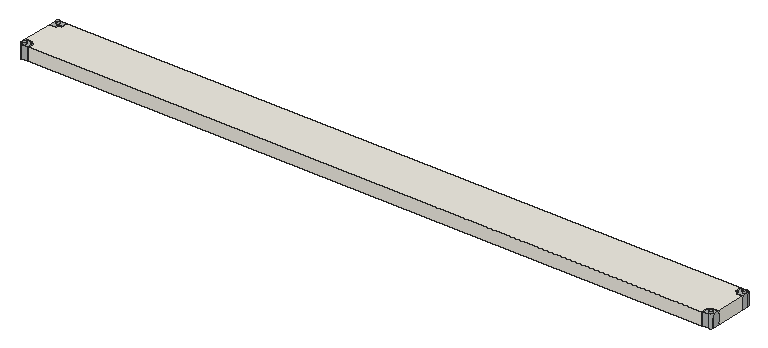
Revit family "HIGHTECH", category Осветительные приборы, Revit 2019 (continued)
Types (32, lengths in mm): name | Файл фотометрической сетки | built-in parameter 1150105 | Lumens | built-in parameter 1150106 | built-in parameter 1150142 | Wattage | Emit from Rectangle Width | Emit from Rectangle Length | Длина | Ширина | ADSK_Ток | ADSK_Полная мощность | ADSK_Обозначение | ADSK_Номинальная мощность | ADSK_Наименование | ADSK_Масса | ADSK_Код изделия
  Hightech-38/opal-sand 160х1195 (IP40, 4000К, белый) | "Светильник HIGHTECH-38 OPAL-SAND-(160x1195).IES" | 262.61 (stored number, unit not read) | 3300 lm | 2.6261 (stored number, unit not read) | "IESNA:LM-63-95\r\n[TEST] Протокол № 50-4\r\n[DATA] 08.06.2016\r\n[MORE] \r\n[MANUFAC] ЗАО \"Центрстройсвет\"\r\n[LUMCAT]  Светильник HIGHTECH-38/OPAL-SAND-(160x1195)\r\n[LUMINAIRE]\r\n[LAMPCAT] Светодиоды\r\n[LAMP] Поток источника света (светодиодов) не известен\r\n[MORE] КСС приведена в абсолютных величинах кд\r\n[MORE] Вместо потока лампы, указан поток светильника.\r\nTILT=NONE\r\n1    3290 1.0 37 73 1 2 0.16 1.195 0.04\r\n1.0 1.0 37.0\r\n0.0 5.0 10.0 15.0 20.0 25.0 30.0 35.0 40.0 45.0 50.0 55.0 60.0 65.0 70.0 75.0 80.0 85.0 90.0 95.0 100.0 105.0 110.0 115.0 120.0 125.0 130.0 135.0 140.0 145.0 150.0 155.0 160.0 165.0 170.0 175.0 180.0\r\n0.0 5.0 10.0 15.0 20.0 25.0 30.0 35.0 40.0 45.0 50.0 55.0 60.0 65.0 70.0 75.0 80.0 85.0 90.0 95.0 100.0 105.0 110.0 115.0 120.0 125.0 130.0 135.0 140.0 145.0 150.0 155.0 160.0 165.0 170.0 175.0 180.0 185.0 190.0 195.0 200.0 205.0 210.0 215.0 220.0 225.0 230.0 235.0 240.0 245.0 250.0 255.0 260.0 265.0 270.0 275.0 280.0 285.0 290.0 295.0 300.0 305.0 310.0 315.0 320.0 325.0 330.0 335.0 340.0 345.0 350.0 355.0 360.0\r\n1253.2 1246.2 1227.5 1186.2 1134.3 1080.2 1008.5 929.2 845.7 758.1 667.9 573.0 479.1 384.2 290.6 200.4 117.7 47.8 2.1 0.0 0.0 0.0 0.0 0.0 0.0 0.0 0.0 0.0 0.0 0.0 0.0 0.0 0.0 0.0 0.0 0.0 0.0\r\n1253.2 1247.0 1225.7 1188.1 1138.8 1075.1 1004.9 931.9 847.2 757.9 668.1 572.7 477.5 384.0 290.6 200.6 118.4 47.9 2.2 0.0 0.0 0.0 0.0 0.0 0.0 0.0 0.0 0.0 0.0 0.0 0.0 0.0 0.0 0.0 0.0 0.0 0.0\r\n1253.2 1248.1 1227.0 1185.9 1138.7 1078.3 1008.7 929.5 848.8 757.9 669.3 574.6 479.7 385.0 291.5 201.5 119.2 48.1 2.2 0.0 0.0 0.0 0.0 0.0 0.0 0.0 0.0 0.0 0.0 0.0 0.0 0.0 0.0 0.0 0.0 0.0 0.0\r\n1253.2 1248.7 1224.9 1187.5 1138.8 1079.1 1011.1 932.8 850.1 760.3 670.1 574.8 481.5 384.6 292.5 203.1 120.2 49.1 2.2 0.0 0.0 0.0 0.0 0.0 0.0 0.0 0.0 0.0 0.0 0.0 0.0 0.0 0.0 0.0 0.0 0.0 0.0\r\n1253.2 1248.6 1224.1 1190.2 1142.9 1083.0 1011.7 935.9 852.7 763.2 669.8 577.6 482.8 388.3 295.5 202.6 121.0 49.8 2.2 0.0 0.0 0.0 0.0 0.0 0.0 0.0 0.0 0.0 0.0 0.0 0.0 0.0 0.0 0.0 0.0 0.0 0.0\r\n1253.2 1248.4 1225.5 1191.0 1146.1 1082.8 1013.2 936.9 854.2 764.3 675.0 579.1 483.7 388.4 293.4 203.8 122.5 49.7 2.4 0.0 0.0 0.0 0.0 0.0 0.0 0.0 0.0 0.0 0.0 0.0 0.0 0.0 0.0 0.0 0.0 0.0 0.0\r\n1253.2 1248.8 1225.9 1190.7 1143.4 1085.3 1015.6 938.4 853.9 767.8 671.8 579.7 486.4 388.3 294.9 205.4 123.4 50.5 2.6 0.0 0.0 0.0 0.0 0.0 0.0 0.0 0.0 0.0 0.0 0.0 0.0 0.0 0.0 0.0 0.0 0.0 0.0\r\n1253.2 1249.7 1225.4 1191.0 1146.5 1088.4 1018.1 941.5 856.1 769.2 678.8 582.6 486.9 391.1 298.4 205.6 124.3 51.6 2.9 0.0 0.0 0.0 0.0 0.0 0.0 0.0 0.0 0.0 0.0 0.0 0.0 0.0 0.0 0.0 0.0 0.0 0.0\r\n1253.2 1250.7 1226.2 1195.1 1146.0 1088.6 1022.5 943.4 860.2 770.2 679.5 584.7 488.6 391.1 298.3 206.4 125.5 52.0 2.8 0.0 0.0 0.0 0.0 0.0 0.0 0.0 0.0 0.0 0.0 0.0 0.0 0.0 0.0 0.0 0.0 0.0 0.0\r\n1253.2 1251.4 1229.0 1197.3 1147.4 1090.4 1020.0 944.8 861.9 772.2 680.2 585.5 491.0 394.2 298.2 209.3 124.9 53.8 2.8 0.0 0.0 0.0 0.0 0.0 0.0 0.0 0.0 0.0 0.0 0.0 0.0 0.0 0.0 0.0 0.0 0.0 0.0\r\n1253.2 1251.7 1229.9 1197.2 1148.0 1091.3 1021.2 946.6 862.9 774.0 683.3 586.3 492.2 397.0 299.0 212.0 125.4 53.6 2.9 0.0 0.0 0.0 0.0 0.0 0.0 0.0 0.0 0.0 0.0 0.0 0.0 0.0 0.0 0.0 0.0 0.0 0.0\r\n1253.2 1251.7 1230.1 1196.7 1150.6 1091.6 1025.1 945.2 861.6 776.4 685.1 590.9 495.4 394.8 302.4 211.8 125.2 55.5 3.1 0.0 0.0 0.0 0.0 0.0 0.0 0.0 0.0 0.0 0.0 0.0 0.0 0.0 0.0 0.0 0.0 0.0 0.0\r\n1253.2 1251.8 1230.0 1196.4 1152.9 1093.8 1023.7 948.4 862.3 776.2 686.9 589.6 495.4 398.5 303.1 208.9 129.0 55.0 3.6 0.0 0.0 0.0 0.0 0.0 0.0 0.0 0.0 0.0 0.0 0.0 0.0 0.0 0.0 0.0 0.0 0.0 0.0\r\n1253.2 1252.2 1231.4 1198.7 1155.6 1094.2 1023.7 946.5 861.5 778.3 686.0 592.0 496.3 400.2 302.7 214.1 128.1 55.7 3.1 0.0 0.0 0.0 0.0 0.0 0.0 0.0 0.0 0.0 0.0 0.0 0.0 0.0 0.0 0.0 0.0 0.0 0.0\r\n1253.2 1252.3 1232.3 1199.1 1154.1 1095.9 1025.8 946.2 866.0 777.5 685.5 591.7 494.4 400.1 306.1 211.6 130.1 57.1 2.8 0.0 0.0 0.0 0.0 0.0 0.0 0.0 0.0 0.0 0.0 0.0 0.0 0.0 0.0 0.0 0.0 0.0 0.0\r\n1253.2 1251.6 1231.1 1199.5 1152.2 1093.5 1023.3 946.3 866.7 775.6 685.0 591.8 492.9 400.3 304.9 211.5 127.2 59.3 4.3 0.0 0.0 0.0 0.0 0.0 0.0 0.0 0.0 0.0 0.0 0.0 0.0 0.0 0.0 0.0 0.0 0.0 0.0\r\n1253.2 1250.8 1231.0 1199.3 1151.9 1093.0 1026.2 947.8 871.7 777.6 687.3 590.5 494.7 400.9 305.6 212.4 128.2 57.4 4.8 0.0 0.0 0.0 0.0 0.0 0.0 0.0 0.0 0.0 0.0 0.0 0.0 0.0 0.0 0.0 0.0 0.0 0.0\r\n1253.2 1250.0 1230.0 1195.8 1148.2 1094.9 1026.3 951.8 867.0 783.3 687.0 594.1 496.5 399.6 305.7 213.3 129.8 57.2 3.9 0.0 0.0 0.0 0.0 0.0 0.0 0.0 0.0 0.0 0.0 0.0 0.0 0.0 0.0 0.0 0.0 0.0 0.0\r\n1253.2 1249.2 1229.3 1195.6 1148.6 1091.3 1021.5 945.9 861.4 777.9 686.0 588.6 493.2 400.2 302.2 211.7 129.6 56.8 3.7 0.0 0.0 0.0 0.0 0.0 0.0 0.0 0.0 0.0 0.0 0.0 0.0 0.0 0.0 0.0 0.0 0.0 0.0\r\n1253.2 1248.3 1228.4 1192.5 1144.0 1087.6 1016.8 941.5 861.9 773.3 684.4 586.8 490.8 397.1 303.0 209.8 126.4 58.3 4.3 0.0 0.0 0.0 0.0 0.0 0.0 0.0 0.0 0.0 0.0 0.0 0.0 0.0 0.0 0.0 0.0 0.0 0.0\r\n1253.2 1247.3 1226.4 1192.4 1143.7 1084.4 1017.9 942.5 863.3 772.4 683.0 589.7 491.6 397.9 303.2 210.7 127.5 55.5 3.2 0.0 0.0 0.0 0.0 0.0 0.0 0.0 0.0 0.0 0.0 0.0 0.0 0.0 0.0 0.0 0.0 0.0 0.0\r\n1253.2 1246.1 1226.5 1190.5 1144.0 1085.0 1017.8 942.1 860.2 774.1 681.1 586.6 490.0 395.2 301.7 208.4 125.5 55.7 3.8 0.0 0.0 0.0 0.0 0.0 0.0 0.0 0.0 0.0 0.0 0.0 0.0 0.0 0.0 0.0 0.0 0.0 0.0\r\n1253.2 1245.3 1227.7 1191.4 1141.6 1083.0 1015.3 941.2 858.2 770.1 677.5 584.8 487.2 391.9 300.2 207.9 123.8 54.7 2.5 0.0 0.0 0.0 0.0 0.0 0.0 0.0 0.0 0.0 0.0 0.0 0.0 0.0 0.0 0.0 0.0 0.0 0.0\r\n1253.2 1245.0 1224.5 1188.8 1139.2 1081.8 1015.0 935.9 855.1 769.1 677.8 581.4 486.6 391.3 297.0 207.1 123.5 54.3 2.5 0.0 0.0 0.0 0.0 0.0 0.0 0.0 0.0 0.0 0.0 0.0 0.0 0.0 0.0 0.0 0.0 0.0 0.0\r\n1253.2 1244.8 1224.4 1188.1 1140.6 1079.1 1012.4 937.1 851.5 765.6 671.7 582.1 485.9 386.4 297.1 204.0 122.3 52.7 2.3 0.0 0.0 0.0 0.0 0.0 0.0 0.0 0.0 0.0 0.0 0.0 0.0 0.0 0.0 0.0 0.0 0.0 0.0\r\n1253.2 1244.4 1224.1 1186.6 1138.8 1079.5 1006.6 932.1 849.9 763.1 672.6 576.5 483.5 385.1 292.3 205.9 120.2 50.6 2.1 0.0 0.0 0.0 0.0 0.0 0.0 0.0 0.0 0.0 0.0 0.0 0.0 0.0 0.0 0.0 0.0 0.0 0.0\r\n1253.2 1244.1 1223.1 1187.3 1141.5 1079.0 1009.2 930.5 843.3 759.0 668.1 574.3 480.4 385.9 289.1 205.3 119.2 50.2 1.5 0.0 0.0 0.0 0.0 0.0 0.0 0.0 0.0 0.0 0.0 0.0 0.0 0.0 0.0 0.0 0.0 0.0 0.0\r\n1253.2 1243.9 1222.5 1185.7 1137.3 1078.6 1005.1 929.7 844.4 757.9 665.5 573.1 478.3 382.8 291.0 200.1 119.7 47.9 1.5 0.0 0.0 0.0 0.0 0.0 0.0 0.0 0.0 0.0 0.0 0.0 0.0 0.0 0.0 0.0 0.0 0.0 0.0\r\n1253.2 1243.5 1222.1 1185.2 1139.0 1075.9 1006.1 925.0 842.4 756.0 663.6 571.0 474.2 381.6 287.1 198.6 118.1 47.3 1.3 0.0 0.0 0.0 0.0 0.0 0.0 0.0 0.0 0.0 0.0 0.0 0.0 0.0 0.0 0.0 0.0 0.0 0.0\r\n1253.2 1242.9 1222.3 1186.5 1136.4 1077.1 1004.8 925.7 839.0 752.7 663.1 570.2 474.1 379.4 286.2 198.5 115.8 45.9 1.1 0.0 0.0 0.0 0.0 0.0 0.0 0.0 0.0 0.0 0.0 0.0 0.0 0.0 0.0 0.0 0.0 0.0 0.0\r\n1253.2 1242.2 1222.0 1184.3 1136.7 1074.4 1001.0 924.5 841.6 752.8 662.1 567.8 473.5 379.3 284.1 195.2 116.8 44.4 0.9 0.0 0.0 0.0 0.0 0.0 0.0 0.0 0.0 0.0 0.0 0.0 0.0 0.0 0.0 0.0 0.0 0.0 0.0\r\n1253.2 1241.7 1220.3 1183.2 1133.6 1075.2 1003.5 925.7 838.8 750.4 659.2 565.7 472.5 376.3 284.0 193.6 115.2 43.5 0.9 0.0 0.0 0.0 0.0 0.0 0.0 0.0 0.0 0.0 0.0 0.0 0.0 0.0 0.0 0.0 0.0 0.0 0.0\r\n1253.2 1241.4 1218.5 1184.3 1135.7 1073.2 1002.8 921.5 838.8 748.8 658.6 565.6 468.2 374.8 282.4 192.9 113.7 43.5 0.8 0.0 0.0 0.0 0.0 0.0 0.0 0.0 0.0 0.0 0.0 0.0 0.0 0.0 0.0 0.0 0.0 0.0 0.0\r\n1253.2 1241.4 1218.6 1183.1 1130.7 1071.2 999.0 920.3 835.8 750.7 658.1 563.0 469.5 374.5 280.7 191.7 112.7 42.7 0.7 0.0 0.0 0.0 0.0 0.0 0.0 0.0 0.0 0.0 0.0 0.0 0.0 0.0 0.0 0.0 0.0 0.0 0.0\r\n1253.2 1241.3 1217.8 1181.3 1131.6 1070.5 998.2 922.3 837.6 747.9 655.1 564.4 468.1 372.3 280.4 191.6 111.0 42.2 0.6 0.0 0.0 0.0 0.0 0.0 0.0 0.0 0.0 0.0 0.0 0.0 0.0 0.0 0.0 0.0 0.0 0.0 0.0\r\n1253.2 1241.0 1216.1 1181.3 1130.1 1067.2 998.7 919.4 839.2 746.8 655.1 564.1 466.7 372.3 280.2 191.4 110.2 42.1 0.6 0.0 0.0 0.0 0.0 0.0 0.0 0.0 0.0 0.0 0.0 0.0 0.0 0.0 0.0 0.0 0.0 0.0 0.0\r\n1253.2 1240.4 1215.6 1179.7 1131.7 1069.3 996.7 921.0 835.4 746.9 655.8 561.8 467.8 371.7 279.1 190.4 110.2 41.6 0.6 0.0 0.0 0.0 0.0 0.0 0.0 0.0 0.0 0.0 0.0 0.0 0.0 0.0 0.0 0.0 0.0 0.0 0.0\r\n1253.2 1239.5 1216.6 1179.0 1129.6 1067.7 998.0 916.4 834.1 745.2 656.0 562.7 466.5 373.0 278.9 190.0 109.6 41.5 0.6 0.0 0.0 0.0 0.0 0.0 0.0 0.0 0.0 0.0 0.0 0.0 0.0 0.0 0.0 0.0 0.0 0.0 0.0\r\n1253.2 1239.0 1216.7 1177.5 1129.3 1069.9 998.7 918.3 834.7 746.3 653.6 561.1 467.4 372.8 278.3 191.1 109.9 41.4 0.6 0.0 0.0 0.0 0.0 0.0 0.0 0.0 0.0 0.0 0.0 0.0 0.0 0.0 0.0 0.0 0.0 0.0 0.0\r\n1253.2 1239.5 1216.7 1178.7 1129.2 1067.3 998.6 919.3 834.7 748.6 655.2 562.4 466.3 372.8 279.4 191.2 110.4 41.4 0.7 0.0 0.0 0.0 0.0 0.0 0.0 0.0 0.0 0.0 0.0 0.0 0.0 0.0 0.0 0.0 0.0 0.0 0.0\r\n1253.2 1240.6 1216.6 1180.1 1128.8 1068.4 994.8 917.9 836.9 745.7 654.9 561.1 466.7 372.1 280.2 190.2 111.7 41.8 0.8 0.0 0.0 0.0 0.0 0.0 0.0 0.0 0.0 0.0 0.0 0.0 0.0 0.0 0.0 0.0 0.0 0.0 0.0\r\n1253.2 1241.2 1216.1 1179.9 1127.4 1065.9 996.0 919.2 835.3 746.0 655.8 563.8 468.6 375.3 281.2 191.3 113.1 42.3 0.9 0.0 0.0 0.0 0.0 0.0 0.0 0.0 0.0 0.0 0.0 0.0 0.0 0.0 0.0 0.0 0.0 0.0 0.0\r\n1253.2 1241.0 1216.3 1176.6 1129.1 1067.9 995.3 921.4 836.5 750.5 659.1 565.1 472.3 374.2 282.1 193.4 114.1 42.9 1.0 0.0 0.0 0.0 0.0 0.0 0.0 0.0 0.0 0.0 0.0 0.0 0.0 0.0 0.0 0.0 0.0 0.0 0.0\r\n1253.2 1240.9 1216.4 1179.2 1127.6 1067.9 999.6 922.8 840.5 750.6 659.2 565.9 471.1 376.1 284.7 194.3 114.0 43.6 1.1 0.0 0.0 0.0 0.0 0.0 0.0 0.0 0.0 0.0 0.0 0.0 0.0 0.0 0.0 0.0 0.0 0.0 0.0\r\n1253.2 1241.1 1216.1 1182.2 1131.4 1067.7 1001.1 924.3 841.6 753.0 661.5 569.1 473.5 377.1 284.8 195.9 116.1 44.9 1.0 0.0 0.0 0.0 0.0 0.0 0.0 0.0 0.0 0.0 0.0 0.0 0.0 0.0 0.0 0.0 0.0 0.0 0.0\r\n1253.2 1241.0 1215.7 1178.5 1126.3 1066.3 1000.7 925.3 843.0 754.9 662.8 570.6 473.8 381.2 285.7 197.9 115.6 46.3 1.0 0.0 0.0 0.0 0.0 0.0 0.0 0.0 0.0 0.0 0.0 0.0 0.0 0.0 0.0 0.0 0.0 0.0 0.0\r\n1253.2 1240.6 1216.9 1179.9 1130.2 1069.8 1003.0 926.7 841.9 755.2 665.8 571.2 478.8 381.2 287.4 199.7 116.2 48.7 1.2 0.0 0.0 0.0 0.0 0.0 0.0 0.0 0.0 0.0 0.0 0.0 0.0 0.0 0.0 0.0 0.0 0.0 0.0\r\n1253.2 1240.2 1217.8 1181.5 1132.1 1074.5 1004.8 929.2 844.5 758.5 667.0 573.0 480.0 385.0 289.8 201.9 116.8 49.9 1.8 0.0 0.0 0.0 0.0 0.0 0.0 0.0 0.0 0.0 0.0 0.0 0.0 0.0 0.0 0.0 0.0 0.0 0.0\r\n1253.2 1240.0 1217.8 1181.0 1132.5 1073.7 1006.5 927.4 845.6 762.4 670.0 575.5 480.5 385.9 289.4 203.7 119.7 48.6 2.2 0.0 0.0 0.0 0.0 0.0 0.0 0.0 0.0 0.0 0.0 0.0 0.0 0.0 0.0 0.0 0.0 0.0 0.0\r\n1253.2 1240.1 1217.6 1182.8 1133.1 1076.6 1007.5 930.0 846.5 762.7 668.8 577.0 482.3 389.1 292.7 202.8 123.7 49.1 1.8 0.0 0.0 0.0 0.0 0.0 0.0 0.0 0.0 0.0 0.0 0.0 0.0 0.0 0.0 0.0 0.0 0.0 0.0\r\n1253.2 1240.7 1218.2 1183.4 1135.8 1075.9 1012.2 932.5 849.2 763.2 670.4 578.3 484.0 386.6 296.5 204.3 120.7 52.9 1.5 0.0 0.0 0.0 0.0 0.0 0.0 0.0 0.0 0.0 0.0 0.0 0.0 0.0 0.0 0.0 0.0 0.0 0.0\r\n1253.2 1241.9 1218.2 1184.0 1135.3 1079.4 1008.5 935.4 854.3 762.1 675.0 581.5 483.5 390.0 296.7 205.3 122.0 52.4 2.7 0.0 0.0 0.0 0.0 0.0 0.0 0.0 0.0 0.0 0.0 0.0 0.0 0.0 0.0 0.0 0.0 0.0 0.0\r\n1253.2 1243.2 1219.3 1183.9 1135.5 1077.7 1013.9 936.1 854.3 766.4 675.2 581.0 485.9 389.4 297.6 206.4 122.6 54.2 3.1 0.0 0.0 0.0 0.0 0.0 0.0 0.0 0.0 0.0 0.0 0.0 0.0 0.0 0.0 0.0 0.0 0.0 0.0\r\n1253.2 1244.0 1222.4 1184.1 1138.0 1078.9 1011.1 936.7 854.8 768.1 677.4 581.9 486.5 391.6 297.0 207.3 125.4 53.2 2.1 0.0 0.0 0.0 0.0 0.0 0.0 0.0 0.0 0.0 0.0 0.0 0.0 0.0 0.0 0.0 0.0 0.0 0.0\r\n1253.2 1245.1 1223.0 1185.9 1136.6 1078.1 1013.2 934.0 852.8 768.3 673.3 580.9 485.6 389.0 296.7 206.9 123.9 53.7 2.4 0.0 0.0 0.0 0.0 0.0 0.0 0.0 0.0 0.0 0.0 0.0 0.0 0.0 0.0 0.0 0.0 0.0 0.0\r\n1253.2 1246.5 1221.7 1184.4 1137.6 1081.8 1014.6 939.7 852.6 767.0 674.1 582.3 486.0 392.8 300.8 207.8 123.0 54.8 3.5 0.0 0.0 0.0 0.0 0.0 0.0 0.0 0.0 0.0 0.0 0.0 0.0 0.0 0.0 0.0 0.0 0.0 0.0\r\n1253.2 1247.3 1220.9 1185.7 1134.8 1076.8 1013.3 936.0 854.4 763.6 674.5 580.5 485.8 392.0 298.4 206.3 125.4 54.8 3.5 0.0 0.0 0.0 0.0 0.0 0.0 0.0 0.0 0.0 0.0 0.0 0.0 0.0 0.0 0.0 0.0 0.0 0.0\r\n1253.2 1247.3 1220.0 1183.6 1137.4 1077.7 1008.6 934.0 851.9 764.5 674.6 582.7 486.3 390.6 297.8 207.3 122.1 55.5 2.7 0.0 0.0 0.0 0.0 0.0 0.0 0.0 0.0 0.0 0.0 0.0 0.0 0.0 0.0 0.0 0.0 0.0 0.0\r\n1253.2 1246.8 1218.3 1185.0 1134.6 1074.3 1009.0 934.4 851.3 764.4 672.5 583.8 483.7 389.6 297.1 206.6 124.9 52.8 3.1 0.0 0.0 0.0 0.0 0.0 0.0 0.0 0.0 0.0 0.0 0.0 0.0 0.0 0.0 0.0 0.0 0.0 0.0\r\n1253.2 1246.1 1219.3 1182.3 1135.7 1077.7 1009.0 933.8 849.1 763.5 673.4 578.9 484.7 389.4 295.7 207.6 122.6 53.6 3.1 0.0 0.0 0.0 0.0 0.0 0.0 0.0 0.0 0.0 0.0 0.0 0.0 0.0 0.0 0.0 0.0 0.0 0.0\r\n1253.2 1245.5 1221.2 1184.2 1134.1 1074.3 1008.5 932.6 849.3 764.8 671.3 578.2 486.2 386.3 296.1 205.6 122.8 53.1 2.6 0.0 0.0 0.0 0.0 0.0 0.0 0.0 0.0 0.0 0.0 0.0 0.0 0.0 0.0 0.0 0.0 0.0 0.0\r\n1253.2 1245.3 1222.3 1181.3 1137.1 1078.8 1006.0 929.4 850.7 761.6 669.5 576.3 483.0 387.3 293.8 206.9 120.4 52.8 2.5 0.0 0.0 0.0 0.0 0.0 0.0 0.0 0.0 0.0 0.0 0.0 0.0 0.0 0.0 0.0 0.0 0.0 0.0\r\n1253.2 1245.4 1220.5 1184.2 1133.6 1075.2 1009.5 932.6 848.6 757.7 670.4 574.2 481.9 385.5 294.7 204.1 122.8 51.6 2.3 0.0 0.0 0.0 0.0 0.0 0.0 0.0 0.0 0.0 0.0 0.0 0.0 0.0 0.0 0.0 0.0 0.0 0.0\r\n1253.2 1245.3 1220.7 1182.4 1138.5 1074.4 1007.3 928.9 845.9 758.6 667.3 577.0 480.3 385.2 292.5 202.1 122.2 50.0 2.5 0.0 0.0 0.0 0.0 0.0 0.0 0.0 0.0 0.0 0.0 0.0 0.0 0.0 0.0 0.0 0.0 0.0 0.0\r\n1253.2 1245.1 1219.5 1182.9 1136.0 1077.5 1004.9 927.6 844.3 760.3 666.7 573.3 477.6 388.0 290.0 204.5 120.6 50.1 2.2 0.0 0.0 0.0 0.0 0.0 0.0 0.0 0.0 0.0 0.0 0.0 0.0 0.0 0.0 0.0 0.0 0.0 0.0\r\n1253.2 1245.4 1221.4 1184.0 1135.0 1076.2 1007.0 927.5 848.0 756.8 666.9 574.1 479.2 385.1 290.6 202.4 121.3 48.9 2.1 0.0 0.0 0.0 0.0 0.0 0.0 0.0 0.0 0.0 0.0 0.0 0.0 0.0 0.0 0.0 0.0 0.0 0.0\r\n1253.2 1245.8 1222.8 1182.5 1134.6 1074.6 1006.5 931.3 844.1 755.4 665.5 574.0 477.8 384.3 291.6 201.6 119.6 48.1 2.1 0.0 0.0 0.0 0.0 0.0 0.0 0.0 0.0 0.0 0.0 0.0 0.0 0.0 0.0 0.0 0.0 0.0 0.0\r\n1253.2 1246.3 1222.6 1182.5 1135.6 1074.3 1006.0 928.3 846.9 757.8 665.0 572.1 477.5 383.3 290.2 200.0 118.4 47.3 2.1 0.0 0.0 0.0 0.0 0.0 0.0 0.0 0.0 0.0 0.0 0.0 0.0 0.0 0.0 0.0 0.0 0.0 0.0\r\n1253.2 1247.0 1224.6 1182.1 1135.8 1074.9 1003.5 929.0 846.9 758.5 665.1 572.3 475.9 383.2 288.8 199.7 118.7 47.1 2.1 0.0 0.0 0.0 0.0 0.0 0.0 0.0 0.0 0.0 0.0 0.0 0.0 0.0 0.0 0.0 0.0 0.0 0.0\r\n1253.2 1247.6 1222.3 1183.0 1134.1 1073.0 1003.8 928.7 844.0 759.1 665.7 570.0 477.0 383.9 288.2 200.0 118.2 47.4 2.1 0.0 0.0 0.0 0.0 0.0 0.0 0.0 0.0 0.0 0.0 0.0 0.0 0.0 0.0 0.0 0.0 0.0 0.0\r\n1253.2 1247.3 1222.8 1183.5 1131.8 1076.8 1003.8 927.4 845.0 753.8 664.0 572.2 476.8 383.2 289.4 200.5 117.8 47.2 2.2 0.0 0.0 0.0 0.0 0.0 0.0 0.0 0.0 0.0 0.0 0.0 0.0 0.0 0.0 0.0 0.0 0.0 0.0\r\n1253.2 1246.4 1225.8 1185.8 1133.6 1077.4 1005.5 928.8 844.9 757.8 665.7 573.3 477.7 383.5 289.5 200.5 117.6 47.3 2.2 0.0 0.0 0.0 0.0 0.0 0.0 0.0 0.0 0.0 0.0 0.0 0.0 0.0 0.0 0.0 0.0 0.0 0.0\r\n1253.2 1246.2 1227.5 1186.2 1134.3 1080.2 1008.5 929.2 845.7 758.1 667.9 573.0 479.1 384.2 290.6 200.4 117.7 47.8 2.1 0.0 0.0 0.0 0.0 0.0 0.0 0.0 0.0 0.0 0.0 0.0 0.0 0.0 0.0 0.0 0.0 0.0 0.0\r\n" | 22.2159 W | 120 | 1155 | 1195 | 160 | 0.179584 A | 41.3043 VA | "Hightech-38/opal-sand 160х1195 (IP40, 4000К, белый)" | 38 W | "Универсальный светодиодный светильник Hightech-38/opal-sand 160х1195 (IP40, 4000К, белый)" | 1.6 | "ЦБ000009675"
